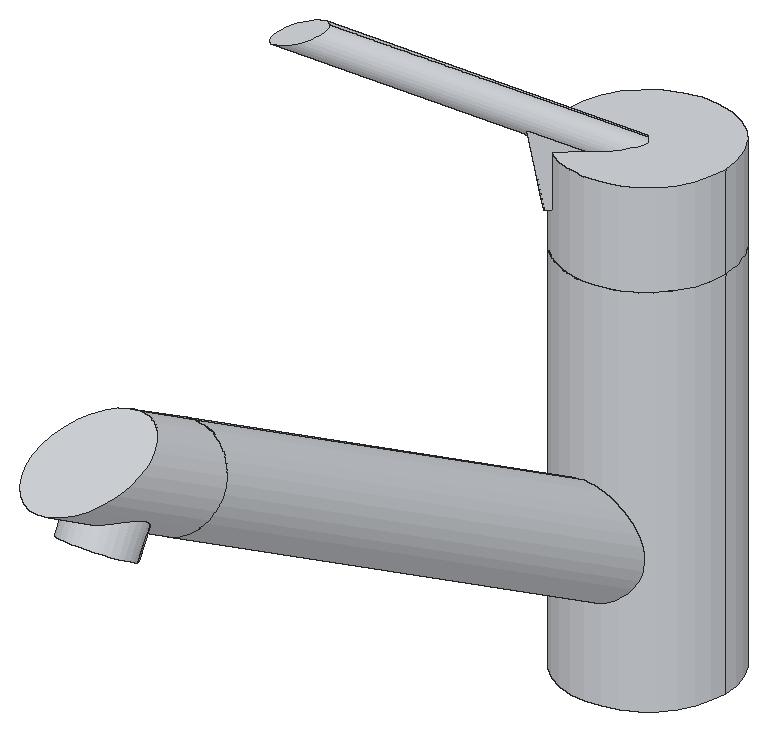
Revit family
Parameters (values of type "50 x 270mm")
  Materiale = none
  Manufacturer = "Revit"
Reference planes
  plane 1 "Center (Front/Back)": y = 0
  plane 2: z = 0
  plane 3 "Center (Left/Right)": x = 0
  plane 4: z = 50
  plane 5: z = 150
  plane 6: through (0, 6.419, 11.669) normal (0, -0.482, -0.8762)
  plane 7 "1": through (0, 0, 0) normal (-0.7071, 0.7071, 0)
Forms (mm)
  Extrusion 1, solid, material <- "Materiale"
    sketch origin (0, 0, 0) x (1, 0, 0) y (0, 1, 0)
      loop
        circle (0, 0) r 25
    from 0 to 120
  Extrusion 2, solid, material <- "Materiale"
    sketch origin (0, 0, 120) x (1, 0, 0) y (0, 1, 0)
      loop
        circle (0, 0) r 25
    from 0 to 30
  Sweep 3, solid, material <- "Materiale"
    path origin (0, 0, 0) x (0, 1, 0) y (0, 0, 1)
      loop
        line (-7.059, 38.349) -> (-187.156, 137.42)
    profile origin (0, -111.663, 61.425) x (0, -0.481984, -0.87618) y (1, 0, 0)
      loop
        circle (-28.318, 0) r 15
  Sweep 4, solid, material <- "Materiale"
    path origin (0, 0, 0) x (0, 1, 0) y (0, 0, 1)
      loop
        line (-188.063, 135.772) -> (-236.252, 162.281)
    profile origin (0, -225.806, 124.215) x (0, -0.481984, -0.87618) y (1, 0, 0)
      loop
        circle (-28.318, 0) r 15
  Extrusion 5, void
    sketch origin (0, 0, 0) x (0, -1, 0) y (0, 0, 1)
      loop
        line (202.737, 160.964) -> (243.482, 149.139) -> (229.023, 175.424) -> (202.737, 160.964)
    from -54.803 to 30
  Extrusion 6, solid, material <- "Materiale"
    sketch origin (0, 6.419, 11.669) x (0, -0.87618, 0.481984) y (-1, 0, 0)
      loop
        circle (255.217, 0) r 11
    from -7.514 to 6.121
  Sweep 7, solid, material <- "Materiale"
    path origin (0, 0, 0) x (-0.707107, -0.707107, 0) y (0, 0, 1)
      loop
        line (1.612, 146.811) -> (92.243, 189.073)
    profile origin (-72.741, -72.741, 47.97) x (0.298836, 0.298836, 0.906308) y (-0.707107, 0.707107, 0)
      loop
        circle (131.377, 0) r 5
  Extrusion 8, solid, material <- "Materiale"
    sketch origin (0, 0, 0) x (-0.707107, -0.707107, 0) y (0, 0, 1)
      loop
        line (30.984, 158.177) -> (9.675, 150.421) -> (9.675, 133.671) -> (26.663, 133.671) -> (30.984, 158.177)
    from -4.433 to 4.388
  Extrusion 9, void
    sketch origin (0, 0, 0) x (0.707107, 0.707107, 0) y (0, 0, 1)
      loop
        line (-99.984, 182.242) -> (-73.884, 189.236) -> (-99.984, 198.735) -> (-99.984, 182.242)
    from -20.858 to 30
Cuts and joins
  Extrusion 5, Extrusion 9 cuts Extrusion 1
  Extrusion 5, Extrusion 9 cuts Sweep 3
  joined: Extrusion 1, Sweep 3
  Extrusion 5, Extrusion 9 cuts Extrusion 2
  Extrusion 9 cuts Sweep 7
  Extrusion 9 cuts Extrusion 8
  joined: Extrusion 2, Sweep 7, Extrusion 8
  Extrusion 5, Extrusion 9 cuts Sweep 4
  Extrusion 9 cuts Extrusion 6
  joined: Sweep 4, Extrusion 6
